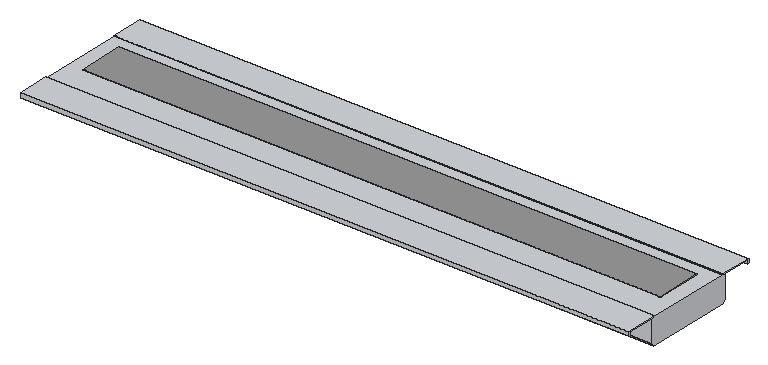
Revit family "2021686 Sylvania Lighting Fixture OPTIX R 1200 ASYMMETRIC 4K DALI WHITE", category Lighting Fixtures, host Face, Revit 2018
Family settings
  Host = Face
  Round Connector Dimension = Use Diameter
  Part Type = Normal
  OmniClass Number = 23.80.70.00
  OmniClass Title = Lighting
  Cut with Voids When Loaded = No
  Light Source = Yes
  Shared = No
  Room Calculation Point = No
Parameters (values of type "2021686 OPTIX R 1200 ASYM 4K DA WHT")
  spacer height = 8 mm
  spacer centres = 1000 mm
  Width = 293 mm
  Weight = "n/a"
  Wattage Comments = ""
  Wattage = 9.2903 W
  WarrantyStartDate [instance] = "n/a"
  WarrantyGuarantorParts = "n/a"
  WarrantyDurationUnit = "n/a"
  WarrantyDurationParts = ""
  WarrantyDescription = "http://www.sylvania-lighting.com"
  built-in parameter 1150110 = 1 (stored number, unit not read)
  Voltage = 0 V
  URL = "0.98"
  TypeName = "OPTIX R 1200 ASYMMETRIC 4K DALI WHITE"
  Type Image = <None>
  Type Comments = "n/a"
  built-in parameter 1114217 = 1 (stored number, unit not read)
  Tilt Angle = 90.00°
  built-in parameter 1150109 = 1 (stored number, unit not read)
  built-in parameter 1150134 = 3
  built-in parameter 1150113 = 1 (stored number, unit not read)
  SerialNumber [instance] = "n/a"
  Photometric Web File = "2021686.ies"
  Material_3_FEILO = none
  PowerFactor = 0
  PowerConsumption = "Lighting"
  NominalLength = 293 mm
  NominalHeight = 0 mm
  NominalDepth = 0 mm
  Name = "OPTIX R 1200 ASYMMETRIC 4K DALI WHITE"
  ModelReference = Name  # "OPTIX R 1200 ASYMMETRIC 4K DALI WHITE"
  ModelNumber = "2021686"
  Model = Name  # "OPTIX R 1200 ASYMMETRIC 4K DALI WHITE"
  Material = "Feilo Sylvania"
  ManufacturerName = "116 lm/W"
  Manufacturer = ""
  LuminousEfficacy = ""
  built-in parameter 1150105 = 109.82 (stored number, unit not read)
  Lumens = 1380 lm
  LuminaireType = "0"
  built-in parameter 1150115 = 1 (stored number, unit not read)
  LightOutputRatio = "LED"
  built-in parameter 1150137 = (empty or 0)
  built-in parameter 1150139 = (empty or 0)
  Length = 1196 mm
  LampsType = Lamp  # "n/a"
  LampNominalLuminous = "4000 K"
  LampMacAdamStep = "80"
  LampColourTemperature = "LED"
  LampColourRenderingIndex = "16500"
  built-in parameter 1150112 = 1 (stored number, unit not read)
  built-in parameter 1150114 = 1 (stored number, unit not read)
  Lamp = "n/a"
  Keynote = "n/a"
  InstallationDate [instance] = "n/a"
  InputVoltage = "0"
  InputNominalFrequency = "4000"
  built-in parameter 1150132 = (empty or 0)
  built-in parameter 1150102 = (empty or 0)
  built-in parameter 1150107 = 3200 (stored number, unit not read)
  built-in parameter 1150138 = (empty or 0)
  IngressProtection = "IfcLightFixtureType"
  ImpactProtectionIndex = "IfcLightFixtureType"
  built-in parameter 1150106 = 1.0982 (stored number, unit not read)
  IfcExportType = "IfcLightFixtureType"
  IfcExportAs = "Class I"
  Height = 52 mm
  ExpectedLife = 50000
  Emit from Circle Diameter = 609.6 mm
  Emit Shape Visible in Rendering = no
  ElectricShockClassification = "116"
  built-in parameter 1150104 = 13.8 (stored number, unit not read)
  DurationUnit = "hours"
  DocumentationLiterature = "http://www.sylvania-lighting.com/product/en-int/products/2021686"
  DimmingControlOptions = "n/a"
  Material_2_FEILO = none
  Dimming Lamp Color Temperature Shift = <None>
  Description = "Recessed LED Linear luminaire with Asymmetric Aluminium Reflector, Asymmetric Light Distribution, Luminaire Dimensions: 1196x293x52mm, Sylvania White body colour, IP20, IK07, DALI dimmable, Low LED flicker (+/-5%), Warm White (3000K) LED Colour Temperature, 3480lm, 30W, 116lm/W efficacy, CRI>80, 3 SDCM (3-step MacAdam ellipse) LED Colour Consistency, Lumen Maintenance: L90B50 at 60,000 hours."
  Default Elevation = 1219.2 mm
  CreatedOn = "24/03/2021"
  CreatedBy = "@sylvania-lighting.com"
  Cost = 0
  Color Filter = 16777215
  built-in parameter 1114216 [instance] = (empty or 0)
  ClassificationValue = "EF_70_80"
  ClassificationName = "Uniclass2015"
  Material_1_FEILO = none
  BarCode [instance] = "n/a"
  built-in parameter 1114218 = 1 (stored number, unit not read)
  built-in parameter 1150133 = 10 (stored number, unit not read)
  AssetType = "Fixed"
  AssetIdentifier [instance] = "n/a"
  Assembly Code = "D5020200"
  Apparent Load = 30 VA
  Material_4_FEILO = none
Reference planes
  plane 1 "Center (Front/Back)": y = 0
  plane 2: z = 0
  plane 3 "Center (Left/Right)": x = 0
  plane 4: z = 0
  plane 5: z = -52
  plane 6: y = 146.5
  plane 7: y = -146.5
  plane 8: x = -598
  plane 9: x = 598
  plane 10: z = -8
  plane 11: y = 145.5
  plane 12: z = -1
  plane 13: y = -145.5
  plane 14: z = -1
  plane 15: y = 89.5
  plane 16: y = -89.5
  plane 17: y = 84.5
  plane 18: z = -47
  plane 19: z = -47
  plane 20: y = -84.5
  plane 21: x = 568
  plane 22: x = -568
  plane 23: y = -31.5
  plane 24: y = 58.5
Forms (mm)
  Extrusion 1, solid, material <- "Material_1_FEILO", detail levels medium+fine
    sketch origin (319, 1524, 1219.2) x (0, 1, 0) y (0, 0, 1)
      loop
        line (-1377.5, -1227.2) -> (-1377.5, -1219.2) -> (-1440.5, -1219.2) -> (-1440.5, -1220.2) -> (-1378.5, -1220.2) -> (-1378.5, -1227.2) -> (-1377.5, -1227.2)
    from -917 to 279
  Extrusion 2, solid, material <- "Material_1_FEILO", detail levels medium+fine
    sketch origin (0, 0, 0) x (0, 1, 0) y (0, 0, 1)
      loop
        line (-145.5, -8) -> (-145.5, -1) -> (-83.5, -1) -> (-83.5, 0) -> (-146.5, 0) -> (-146.5, -8) -> (-145.5, -8)
    from -598 to 598
  Extrusion 3, solid, material <- "Material_1_FEILO", detail levels medium+fine
    sketch origin (319, 1524, 1219.2) x (0, 1, 0) y (0, 0, 1)
      loop
        line (-1434.5, -1220.2) -> (-1613.5, -1220.2) -> (-1613.5, -1266.2) -> (-1608.5, -1271.2) -> (-1439.5, -1271.2) -> (-1434.5, -1266.2) -> (-1434.5, -1220.2)
    from -917 to 279
  Extrusion 4, solid, material "Glass, White, High Luminance", detail levels fine
    sketch origin (4.2, 0, 0) x (1, 0, 0) y (0, 1, 0)
      loop
        line (-572.2, 58.5) -> (-572.2, -31.5) -> (563.8, -31.5) -> (563.8, 58.5) -> (-572.2, 58.5)
    from 0 to 1
  Extrusion 5, void
    sketch origin (-984.261, -52.317, -52) x (1, 0, 0) y (0, 1, 0)
      loop
        line (386.261, 198.817) -> (386.261, -94.183) -> (1582.261, -94.183) -> (1582.261, 198.817) -> (386.261, 198.817)
    from -337.369 to 583.514
  Extrusion 6, solid, detail levels coarse
    sketch origin (0, 1219.2, 38) x (1, 0, 0) y (0, 1, 0)
      loop
        line (-598, -1072.7) -> (-598, -1365.7) -> (598, -1365.7) -> (598, -1072.7) -> (-598, -1072.7)
    from -37 to -90
Dimensions and locks
  "Width": plane 6 to plane 7
  equal spacing: plane 6, plane 1 "Center (Front/Back)", plane 7
  "Length": plane 8 to plane 9
  equal spacing: plane 8, plane 3 "Center (Left/Right)", plane 9
  "spacer height": host face to plane 10
  "Height": level to plane 5
  plane 3 "Center (Left/Right)" to Extrusion 1 = 598 mm
  aligned and locked: plane 2 to host face
  aligned and locked: level to host face
Automatic sketch dimensions
  host sketch curve to host sketch curve = 2438.4 mm
  host sketch curve to host sketch curve = 2429.7 mm
  Extrusion 1 sketch curve to plane 10 = 0 mm
  Extrusion 1 sketch curve to plane 11 = 0 mm
  Extrusion 1 sketch curve to plane 6 = 0 mm
  Extrusion 1 sketch curve to plane 12 = 0 mm
  Extrusion 1 sketch curve to level = 0 mm
  Extrusion 2 sketch curve to plane 7 = 0 mm
  Extrusion 2 sketch curve to plane 13 = 0 mm
  Extrusion 2 sketch curve to plane 12 = 0 mm
  Extrusion 2 sketch curve to plane 10 = 0 mm
  Extrusion 2 sketch curve to level = 0 mm
  Extrusion 2 sketch curve to plane 16 = 6 mm
  plane 15 to Extrusion 1 sketch curve = 6 mm
  Extrusion 3 sketch curve to plane 12 = 0 mm
  Extrusion 3 sketch curve to plane 16 = 0 mm
  Extrusion 3 sketch curve to plane 5 = 0 mm
  Extrusion 3 sketch curve to plane 20 = 0 mm
  Extrusion 3 sketch curve to plane 17 = 0 mm
  Extrusion 3 sketch curve to plane 15 = 0 mm
  Extrusion 3 sketch curve to plane 18 = 0 mm  (x2)
  Extrusion 4 sketch curve to plane 22 = 0 mm
  Extrusion 4 sketch curve to plane 21 = 0 mm
  Extrusion 4 sketch curve to plane 23 = 0 mm
  plane 24 to Extrusion 4 sketch curve = 0 mm
  Extrusion 5 sketch curve to Extrusion 5 sketch curve = 1196 mm
  Extrusion 5 sketch curve to plane 6 = 293 mm
  Extrusion 5 sketch curve to plane 9 = 1196 mm
  Extrusion 5 sketch curve to Extrusion 5 sketch curve = 293 mm
  Extrusion 6 sketch curve to plane 7 = 0 mm
  Extrusion 6 sketch curve to plane 8 = 0 mm
  Extrusion 6 sketch curve to plane 9 = 0 mm
  Extrusion 6 sketch curve to plane 11 = 1 mm
Connectors
  electrical at (0, 0, -52)
    settings: on Extrusion 3, index 1, voltage 0 V, apparent load 0 VA, apparent load phase1 0 VA, apparent load phase2 0 VA, apparent load phase3 0 VA, power factor 1, load classification "Other", number of poles 1, system type 31, power factor state 1, is connector primary yes, connector utility no, sub classification motor no, connector description ""
